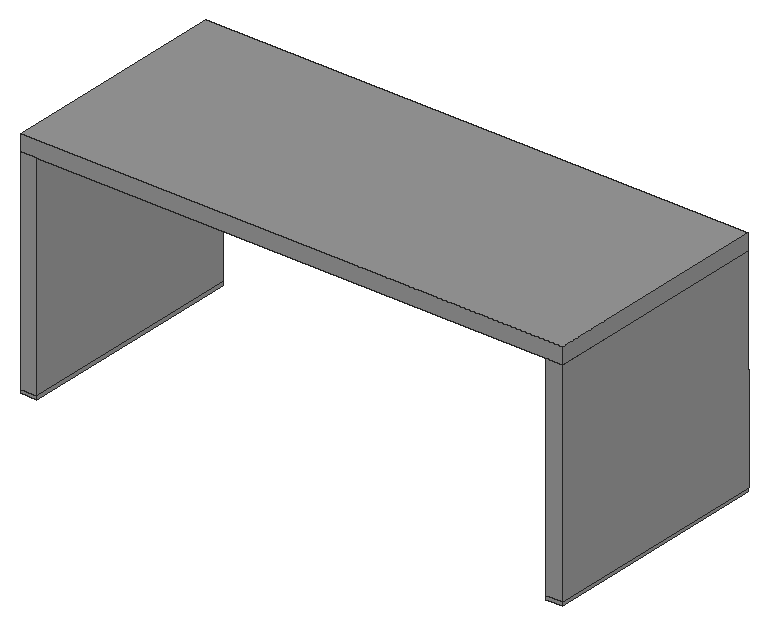
Revit family "Cocoon Community Table 36x84x36", category Generic Models, Revit 2018
Family settings
  Can host rebar = No
  Round Connector Dimension = Use Diameter
  Part Type = Normal
  Work Plane-Based = No
  Always vertical = Yes
  Cut with Voids When Loaded = No
  Shared = No
  Room Calculation Point = No
Parameters
  Frame = Cocoon Community Table 36x84x36 Frame
  Surface = Cocoon Community Table 36x84x36 Surface
Reference planes (in)
  plane 1 "Center (Front/Back)": y = 0
  plane 2: z = 0
  plane 3 "Center (Left/Right)": x = 0
Forms (in)
  Extrusion 1, solid, material "Cocoon Community Table 36x84x36 Frame" <- "Frame"
    sketch origin (0, 0, 0) x (1, 0, 0) y (0, 0, 1)
      loop
        line (-42, 0.5) -> (-42, 0) -> (-39.5, 0) -> (-39.5, 0.5) -> (-42, 0.5)
      loop
        line (42, 0.5) -> (39.5, 0.5) -> (39.5, 0) -> (42, 0) -> (42, 0.5)
    from -18 to 18
  Extrusion 2, solid, material "Cocoon Community Table 36x84x36 Surface" <- "Surface"
    sketch origin (0, 0, 7) x (1, 0, 0) y (0, 0, 1)
      loop
        line (-42, 29) -> (-42, 26.5) -> (42, 26.5) -> (42, 29) -> (-42, 29)
    from -18 to 18
  Extrusion 3, solid, material "Cocoon Community Table 36x84x36 Frame" <- "Frame"
    sketch origin (0, 0, 0) x (1, 0, 0) y (0, 0, 1)
      loop
        line (-42, 33.5) -> (-42, 0.5) -> (-39.5, 0.5) -> (-39.5, 33.5) -> (-42, 33.5)
      loop
        line (39.5, 33.5) -> (39.5, 0.5) -> (42, 0.5) -> (42, 33.5) -> (39.5, 33.5)
    from -18 to 18
  Extrusion 4, solid, material "Cocoon Community Table 36x84x36 Frame" <- "Frame"
    sketch origin (0, 0, 0) x (0, 1, 0) y (0, 0, 1)
      loop
        line (1.25, 33.5) -> (-1.25, 33.5) -> (-1.25, 21.5) -> (1.25, 21.5) -> (1.25, 33.5)
    from -39.5 to 39.5
Dimensions and locks (in)
  aligned and locked: plane 2 to level
